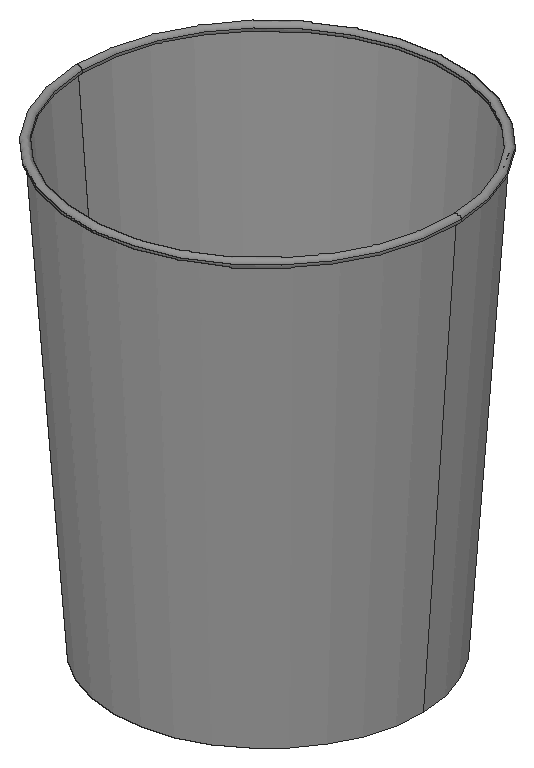
Revit family "Корзина для бумаг 16л", category Оборудование, Revit 2017
Family settings
  Размер круглого соединителя = Использовать диаметр
  Тип детали = Нормальный
  На основе рабочей плоскости = Нет
  Всегда вертикально = Да
  При загрузке вырезать с полостями = Нет
  Общий = Нет
  Точка расчета площади = Нет
Parameters (values of type "Тип")
  Общ_Ширина = 295.0 mm
  Общ_Тип, марка = "Deli E9189"
  Общ_Примечание = ""
  Общ_Поставщик = ""
  Общ_Позиция = ""
  Общ_Наименование = "Корзина для бумаг из металлической сетки, 16 л"
  Общ_Масса = ""
  Общ_Код продукции = ""
  Общ_Единицы измерения = "шт."
  Общ_Глубина = 295.0 mm
  Общ_Высота = 347.0 mm
  Keynote = ""
  Изготовитель = "Severin"
  Model = ""
Reference planes
  plane 1 "По центру (Вперед/Назад)": y = 0
  plane 2: z = 0
  plane 3 "По центру (Влево/Вправо)": x = 0
  plane 4: z = 347
  plane 5: x = 147.5
  plane 6: x = -147.5
Forms (mm)
  Blend 1, solid, material "Сетка чёрная"
    base sketch origin (0, 0, 0) x (1, 0, 0) y (0, 1, 0)
      loop
        circle (0, 0) r 120
    top sketch origin (-145, -1524, 347) x (-1, 0, 0) y (0, -1, 0)
      loop
        circle (-145, -1524) r 145
    from 0 to 0
  Blend 2, void
    base sketch origin (0, 0, 0) x (0, 1, 0) y (-1, 0, 0)
      loop
        circle (0, 0) r 117.5
    top sketch origin (0, 0, 0) x (1, 0, 0) y (0, 1, 0)
      loop
        circle (0, 0) r 145
    from 5 to 347
  Sweep 3, solid, material "Термопластическая смола"
    path in 3D
      loop
        arc (-145, 0, 347) -> (0, -145, 347) -> (145, 0, 347) r 145
        arc (145, 0, 347) -> (0, 145, 347) -> (-145, 0, 347) r 145
    profile origin (0, 145, 347) x (0, -1, 0) y (0, 0, 1)
      loop
        circle (0, 0) r 3
Cuts and joins
  Blend 2 cuts Blend 1
Lines and regions (mm)
  model lines, detail levels coarse+medium
    curve 1: arc (145, 0, 347) -> (0, 145, 347) -> (-145, 0, 347) r 145
    curve 2: arc (-145, 0, 347) -> (0, -145, 347) -> (145, 0, 347) r 145
  sketch lines
    curve 3: arc (145, 0, 347) -> (0, 145, 347) -> (-145, 0, 347) r 145
    curve 4: arc (-145, 0, 347) -> (0, -145, 347) -> (145, 0, 347) r 145
Dimensions and locks
  plane 4 to level = 347.0 mm
  aligned and locked: level to plane 2
